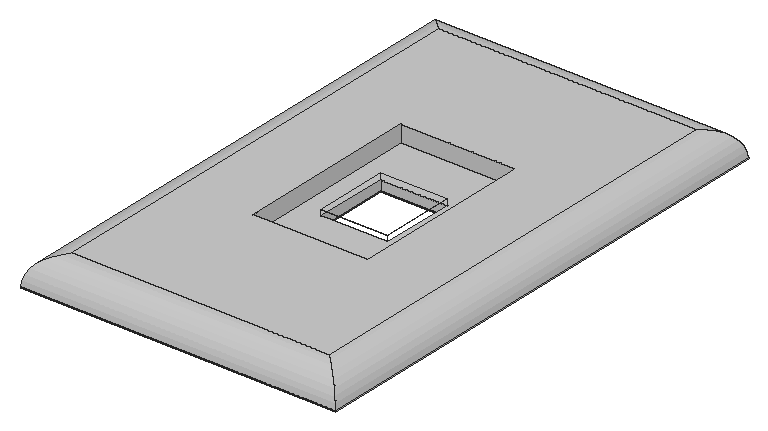
Revit family "1", category Data Devices, host Face, Revit 2018 (continued)
Lines and regions (in)
  reference lines
    curve 1: line (-2.2815, 0.9575, 0.25) -> (0.4685, 0.9575, 0.25)
    curve 2: line (-2.2215, 0.77, 0.25) -> (0.4085, 0.77, 0.25)
    curve 3: line (-2.2815, 0.3225, 0.25) -> (0.4685, 0.3225, 0.25)
    curve 4: line (-2.2815, -0.125, 0.25) -> (0.4685, -0.125, 0.25)
    curve 5: line (-2.2815, -0.5725, 0.25) -> (0.4685, -0.5725, 0.25)
  reference lines, not visible
    curve 6: line (-1.522, 0.77, 7) -> (-0.291, 0.77, 7)
    curve 7: line (-1.522, -0.125, 7) -> (-0.291, -0.125, 7)
    curve 8: line (-2.2815, -0.125, 0.25) -> (0.4685, -0.125, 0.25)
    curve 9: line (-2.2815, -0.125, 0.25) -> (0.4685, -0.125, 0.25)
    curve 10: line (-0.9065, 1.2175, 0.25) -> (-0.9065, -0.5725, 0.25)
    curve 11: line (-2.2215, 0.77, 0.25) -> (0.4085, 0.77, 0.25)
    curve 12: line (-2.1675, 1.2175, 0.25) -> (0.3545, 1.2175, 0.25)
    curve 13: line (-2.2215, 0.77, 0.25) -> (0.4085, 0.77, 0.25)
    curve 17: line (-2.009, -0.9132566, 0.2869739) -> (-2.009, 1.2175, 0.2869739)
    curve 18: line (0.196, -0.9132566, 0.2869739) -> (0.196, 1.2175, 0.2869739)
    curve 20: line (-1.232, -0.9132566, 0.2869739) -> (-1.232, 1.2175, 0.2869739)
    curve 21: line (-0.581, -0.9132566, 0.2869739) -> (-0.581, 1.2175, 0.2869739)
  reference lines, visible <- "z Angles are Visible 4 Port"
    curve 14: line (-1.522, 0.6182373, 0.2869739) -> (-0.291, 0.6182373, 0.2869739)
    curve 16: line (-1.564, 0.6182373, 0.2869739) -> (-0.249, 0.6182373, 0.2869739)
    curve 19: line (-1.564, -0.5670469, 0.2869739) -> (-0.249, -0.5670469, 0.2869739)
  reference lines, visible <- "z Angles are Visible 2 Port"
    curve 15: line (-1.522, 0.3053335, 0.2869739) -> (-0.291, 0.3053335, 0.2869739)
  reference lines, visible <- "z Has 08 Ports"
    curve 22: line (-2.1675, 1.2175, 0.25) -> (-2.2815, -0.5725, 0.25)
    curve 23: line (0.3545, 1.2175, 0.25) -> (0.4685, -0.5725, 0.25)
    curve 24: line (-2.2215, 0.77, 0.25) -> (-2.2215, -0.5725, 0.25)
    curve 25: line (0.4085, 0.77, 0.25) -> (0.4085, -0.5725, 0.25)
  symbolic lines, style "Wallplates", detail levels fine
    curve 26: line (-2.0315, 2.5725, 0.25) -> (0.2185, 2.5725, 0.25)
    curve 27: arc (-2.2815, 2.5725, 0) -> (-2.2082767, 2.5725, 0.1767767) -> (-2.0315, 2.5725, 0.25) r 0.25
    curve 28: arc (0.2185, 2.5725, 0.25) -> (0.3952767, 2.5725, 0.1767767) -> (0.4685, 2.5725, 0) r 0.25
    curve 29: line (-2.2815, 2.5725, 0) -> (0.4685, 2.5725, 0)
    curve 30: line (0.4685, 2.3225, 0.25) -> (0.4685, -1.6775, 0.25)
    curve 31: arc (0.4685, -1.6775, 0.25) -> (0.4685, -1.8542767, 0.1767767) -> (0.4685, -1.9275, 0) r 0.25
    curve 32: arc (0.4685, 2.5725, 0) -> (0.4685, 2.4992767, 0.1767767) -> (0.4685, 2.3225, 0.25) r 0.25
    curve 33: line (0.4685, -1.9275, 0) -> (0.4685, 2.5725, 0)
    curve 34: arc (-2.2815, -1.6775, 0.25) -> (-2.2815, -1.8542767, 0.1767767) -> (-2.2815, -1.9275, 0) r 0.25
    curve 35: line (-2.2815, -1.9275, 0) -> (-2.2815, 2.5725, 0)
    curve 36: arc (-2.2815, 2.5725, 0) -> (-2.2815, 2.4992767, 0.1767767) -> (-2.2815, 2.3225, 0.25) r 0.25
    curve 37: line (-2.2815, 2.3225, 0.25) -> (-2.2815, -1.6775, 0.25)
  symbolic lines, style "Wallplates", detail levels medium
    curve 38: line (-2.2815, 2.5725, 0.25) -> (0.4685, 2.5725, 0.25)
    curve 39: line (-2.2815, 2.5725, 0) -> (-2.2815, 2.5725, 0.25)
    curve 40: line (0.4685, 2.5725, 0) -> (-2.2815, 2.5725, 0)
    curve 41: line (0.4685, 2.5725, 0.25) -> (0.4685, 2.5725, 0)
  symbolic lines, style "Wallplates", detail levels coarse+medium
    curve 42: line (0.4685, -1.9275, 0.25) -> (0.4685, 2.5725, 0.25)
    curve 43: line (0.4685, 2.5725, 0.25) -> (0.4685, 2.5725, 0)
    curve 44: line (0.4685, -1.9275, 0) -> (0.4685, -1.9275, 0.25)
    curve 45: line (0.4685, 2.5725, 0) -> (0.4685, -1.9275, 0)
Dimensions and locks (in)
  "z Depth": plane 4 "Front" to plane 2 "Mounting Surface"
  equal spacing: plane 8, plane 1 "Center (Front/Back)", plane 5  (x2)
  "Height": plane 8 to plane 5
  "z Distance": plane 5 to plane 9
  "z Distance": plane 9 to plane 10
  "z Distance": plane 10 to plane 11
  "z Distance": plane 11 to plane 12
  "z Distance": plane 12 to plane 13
  "Height": plane 14 to plane 9
  "Height": plane 15 to plane 10
  "Height": plane 16 to plane 11
  "Height": plane 17 to plane 12
  "Height": plane 18 "Top" to plane 13
  "Height": Extrusion 9 to Extrusion 9
  "z Distance": plane 19 to plane 5
  equal spacing: plane 20, plane 1 "Center (Front/Back)", plane 21, locked at 0.325 each
  "z Height": plane 20 to plane 21
  "Width": plane 6 "Left" to plane 7 "Right"
  equal spacing: plane 6 "Left", plane 3 "Center (Left/Right)", plane 7 "Right"
  equal spacing: plane 22, plane 3 "Center (Left/Right)", plane 23
  locked: plane 8 to plane 24 at 0.25
  Extrusion 11 sketch curve to Extrusion 11 sketch curve = 0.46000"
  Extrusion 11 sketch curve to Extrusion 11 sketch curve = 1.83000"  (x2)
  Extrusion 11 sketch curve to plane 3 "Center (Left/Right)" = 0.07610"
  "z Void Offset Single Gang 2": Extrusion 10 to plane 27 "1"
  Extrusion 13 to Extrusion 12 = 0.44750"
  "z Depth": Extrusion 13 to Extrusion 13
  "z Width": plane 22 to plane 23
  locked: Extrusion 14 to Extrusion 14 at 0.25
  Extrusion 15 sketch curve to Extrusion 15 sketch curve = 0.65000"  (x2)
  "z Depth": Extrusion 15 to plane 29 "3"
  locked: Extrusion 15 to Extrusion 15 at 0.65  (x2)
  locked: Extrusion 15 to Extrusion 15 at 0.895
  equal spacing: Extrusion 11 sketch curve, plane 3 "Center (Left/Right)", Extrusion 11 sketch curve
  equal spacing: plane 30, plane 3 "Center (Left/Right)", plane 31 "Angled Feature Right Side"
  "z Width": plane 30 to plane 32
  equal spacing: plane 32, plane 3 "Center (Left/Right)", plane 33
  Extrusion 18 sketch curve to Extrusion 18 sketch curve = 0.65000"  (x2)
  locked: Extrusion 18 to Extrusion 18 at 0.65  (x2)
  Extrusion 18 to Extrusion 18 = 0.89500"
  locked: Extrusion 18 to Extrusion 18 at 0.895
  "z Depth": Extrusion 17 to plane 34 "6"
  "z Depth": Extrusion 18 to plane 34 "6"
  "z 1 X Offset 1": plane 30 to plane 31 "Angled Feature Right Side"
  locked: Extrusion 19 to Extrusion 19 at 0.25
  "z Depth": Extrusion 20 to Extrusion 20
  equal spacing: plane 37, plane 3 "Center (Left/Right)", plane 38
  equal spacing: plane 36, plane 3 "Center (Left/Right)", plane 39
  "z 1 X Offset 2": plane 31 "Angled Feature Right Side" to plane 38
  "z Width": plane 39 to plane 38
  "z Height": plane 40 to plane 41
  "z 1 Y Offset 1": plane 40 to plane 20
  "z Depth": Extrusion 22 to plane 43 "8"
  "z Depth": Extrusion 21 to plane 43 "8"
  equal spacing: plane 45, plane 1 "Center (Front/Back)", plane 44
  "z Height": plane 46 to plane 45
  "z Height": plane 44 to plane 47
  "z 1 Y Offset 1": plane 45 to plane 44
  "z Depth": Extrusion 20 to plane 35 "4"
  equal spacing: Extrusion 23 sketch curve, plane 48, Extrusion 23 sketch curve
  locked: Extrusion 23 sketch curve to Extrusion 23 sketch curve at 1.62
  equal spacing: Extrusion 23 sketch curve, plane 3 "Center (Left/Right)", Extrusion 23 sketch curve
  locked: Extrusion 23 sketch curve to Extrusion 23 sketch curve at 1
  "z 2 Y Offset 2": plane 1 "Center (Front/Back)" to plane 48
  locked: plane 4 "Front" to plane 49 "Recess" at 0.15
  "z Offset 6": plane 34 "6" to plane 50 "Void Collector"
  locked: level to plane 50 "Void Collector" at 2
  "z Offset 2 H": plane 43 "8" to plane 50 "Void Collector"
  "z Offset 4": plane 35 "4" to plane 50 "Void Collector"
  "z Offset 3": plane 29 "3" to plane 50 "Void Collector"
  "z Offset 1": plane 27 "1" to plane 50 "Void Collector"
  "z Offset 2": plane 28 "2" to plane 50 "Void Collector"
  "z Void Offset Dual Gang 2": plane 42 to plane 50 "Void Collector"
  "z Void Offset Single Gang 1": plane 26 to plane 50 "Void Collector"
  "z Void Offset Dual Gang 1": plane 25 to plane 50 "Void Collector"
  locked: plane 25 to Extrusion 11 at 0.1
  equal spacing: plane 46, plane 54, plane 45, locked at 0.325 each
  equal spacing: plane 44, plane 55, plane 47, locked at 0.325 each
  plane 30 to plane 32 = 0.58000"  (x3)
  "z Depth": Extrusion 24 to plane 35 "4"
  "z Width": Extrusion 20 to Extrusion 20  (x2)
  Extrusion 20 to Extrusion 20 = 0.58000"
  plane 33 to plane 31 "Angled Feature Right Side" = 0.58000"
  Extrusion 25 sketch curve to Extrusion 25 sketch curve = 0.65000"  (x2)
  locked: Extrusion 25 to Extrusion 25 at 0.65  (x2)
  locked: Extrusion 25 to Extrusion 25 at 0.895
  "z Depth": Extrusion 25 to plane 34 "6"
  equal spacing: cut or joined group 1 (Sweep 3, Extrusion 8, Extrusion 10, Extrusion 11, Extrusion 14, Extrusion 16, Extrusion 17, Extrusion 19, Extrusion 22, Extrusion 23, Extrusion 26, Extrusion 27, Extrusion 30, Extrusion 31, Extrusion 32, Extrusion 36, Extrusion 37), plane 3 "Center (Left/Right)", cut or joined group 1, locked at 1.9061 each
  Extrusion 26 sketch curve to Extrusion 26 sketch curve = 0.46000"
  Extrusion 26 sketch curve to Extrusion 26 sketch curve = 1.83000"
  Extrusion 26 to Extrusion 26 = 1.83000"
  locked: Extrusion 26 to Extrusion 26 at 1.83
  equal spacing: Extrusion 26 sketch curve, plane 3 "Center (Left/Right)", Extrusion 26 sketch curve
  equal spacing: Extrusion 26 sketch curve, plane 1 "Center (Front/Back)", Extrusion 26 sketch curve  (x2)
  plane 1 "Center (Front/Back)" to Extrusion 26 sketch curve = 1.85000"
  locked: plane 26 to Extrusion 26 at 0.1
  locked: Extrusion 27 to plane 42 at 0.1
  cut or joined group of Extrusion 20, Extrusion 26, Extrusion 30 to cut or joined group of Extrusion 20, Extrusion 26, Extrusion 30 = 0.58000"
  equal spacing: plane 56, plane 3 "Center (Left/Right)", plane 57
  "z Void Offset Angled": plane 56 to plane 3 "Center (Left/Right)"
  "z Void 4 Port Angled": plane 58 "Lower 4-Port Mounting Face" to plane 61 "Lower 4-Port"
  "z Void 4 Port Angled": plane 60 "Upper 4-Port Mounting Face" to plane 63 "Upper 4-Port"
  "z Void 2 Port Angled": plane 59 "2-Port Mounting Face" to plane 62 "2-Port"
  Extrusion 30 sketch curve to Extrusion 30 sketch curve = 0.45962"
  "z Height": Extrusion 30 sketch curve to Extrusion 30 sketch curve  (x2)
  Extrusion 31 sketch curve to Extrusion 31 sketch curve = 0.45962"
  "z Height": Extrusion 31 sketch curve to Extrusion 31 sketch curve  (x2)
  Extrusion 32 sketch curve to Extrusion 32 sketch curve = 0.45962"
  "z Height": Extrusion 32 sketch curve to Extrusion 32 sketch curve  (x2)
  locked: Extrusion 30 to Extrusion 30 at 1.2
  locked: Extrusion 32 to Extrusion 32 at 1.2
  locked: Extrusion 31 to Extrusion 31 at 1.2
  Extrusion 33 to level = 0.01000"
  locked: plane 59 "2-Port Mounting Face" to plane 58 "Lower 4-Port Mounting Face" at 0.3976793
  locked: plane 60 "Upper 4-Port Mounting Face" to plane 58 "Lower 4-Port Mounting Face" at 0.5403182
  Extrusion 28 sketch curve to Extrusion 28 sketch curve = 0.22832"  (x2)
  Extrusion 28 sketch curve to Extrusion 28 sketch curve = 0.50086"  (x2)
  Extrusion 28 sketch curve to Extrusion 28 sketch curve = 0.44580"  (x2)
  "z Depth": Extrusion 34 sketch curve to Extrusion 34 sketch curve  (x2)
  locked: Extrusion 34 sketch curve to cut or joined group of Extrusion 28, Extrusion 30, Extrusion 31, Extrusion 32, Extrusion 37 at 0.65  (x2)
  locked: cut or joined group of Extrusion 28, Extrusion 30, Extrusion 31, Extrusion 32, Extrusion 37 to cut or joined group 1 at 0.0396864
  locked: Extrusion 33 to plane 18 "Top" at 0.01
  locked: plane 19 to Extrusion 33 at 0.01
  locked: plane 6 "Left" to Extrusion 33 at 0.01
  locked: Extrusion 33 to plane 7 "Right" at 0.01
  "z Depth": Extrusion 35 sketch curve to Extrusion 35 sketch curve
  locked: cut or joined group of Extrusion 29, Extrusion 31, Extrusion 37 to Extrusion 35 at 0.0396864
  locked: Extrusion 33 to level at 0.01
  cut or joined group of Extrusion 28, Extrusion 30, Extrusion 31, Extrusion 32, Extrusion 37 to Extrusion 34 = 0.03969"
  "z 1 X Offset 2": plane 31 "Angled Feature Right Side" to plane 64
  "z Width": plane 65 to plane 64
  equal spacing: plane 66, plane 3 "Center (Left/Right)", plane 65
  equal spacing: plane 67, plane 3 "Center (Left/Right)", plane 64
  equal spacing: plane 68 "Angled Feature Left Side", plane 3 "Center (Left/Right)", plane 69
  "z Void Offset Angled Plastic": plane 56 to plane 68 "Angled Feature Left Side"
  locked: plane 70 "Angled" to plane 4 "Front" at 0.0369739
  equal spacing: curve 17, plane 3 "Center (Left/Right)", curve 18
  curve 17 to plane 3 "Center (Left/Right)" = 1.10250"
  curve 10 to curve 17 = 1.10250"
  equal spacing: plane 30, curve 20, plane 32
  equal spacing: curve 20, plane 3 "Center (Left/Right)", curve 21
  equal spacing: curve 24, plane 3 "Center (Left/Right)", curve 25
  curve 24 to plane 3 "Center (Left/Right)" = 1.31500"
  plane 71 to plane 3 "Center (Left/Right)" to plane 72 = 1.60500" locked, 1.60500" locked
  locked: plane 73 to plane 74 at 0.1
  Extrusion 36 sketch curve to Extrusion 36 sketch curve = 0.46000"
  Extrusion 36 sketch curve to Extrusion 36 sketch curve = 1.83000"  (x2)
  locked: Extrusion 36 to Extrusion 36 at 1.83
  "z Void Offset Single Gang 3": plane 73 to plane 50 "Void Collector"
  "z Void 1 Port Angled": plane 59 "2-Port Mounting Face" to plane 75
  "z Height": Extrusion 37 sketch curve to Extrusion 37 sketch curve
  "z Depth": Extrusion 38 sketch curve to Extrusion 38 sketch curve  (x2)
  "z Depth": Extrusion 39 sketch curve to Extrusion 39 sketch curve  (x2)
  "z Void Offset Single Gang 4": plane 76 to plane 50 "Void Collector"
  "z Void Offset Dual Gang 3": plane 77 to plane 50 "Void Collector"
  locked: Extrusion 40 sketch curve to plane 76 at 0.75
  plane 78 to plane 77 to plane 79 = 0.75000" locked, 0.75000" locked
  locked: plane 31 "Angled Feature Right Side" to Extrusion 41 sketch curve at 0.155
  locked: Extrusion 41 sketch curve to plane 30 at 0.155
  locked: plane 76 to Extrusion 40 sketch curve at 0.75
  aligned and locked: Extrusion 1 to plane 2 "Mounting Surface"
  aligned and locked: Extrusion 1 to level
  aligned and locked: Extrusion 2 to plane 5
  aligned and locked: Extrusion 2 to plane 6 "Left"
  aligned and locked: Extrusion 2 to plane 7 "Right"
  aligned and locked: plane 8 to Extrusion 2
  aligned and locked: Extrusion 2 to level
  aligned and locked: plane 4 "Front" to Extrusion 2
  aligned and locked: Sweep 3 sketch curve to Extrusion 2  (x4)
  aligned and locked: profile plane to Sweep 3 sketch curve
  aligned and locked: Extrusion 9 to plane 19
  aligned and locked: Extrusion 4 to plane 9
  aligned and locked: Extrusion 5 to plane 10
  aligned and locked: plane 16 to Extrusion 6
  aligned and locked: Extrusion 6 to plane 11
  aligned and locked: plane 15 to Extrusion 5
  aligned and locked: plane 14 to Extrusion 4
  aligned and locked: Extrusion 7 to plane 12
  aligned and locked: plane 17 to Extrusion 7
  aligned and locked: Extrusion 8 to plane 13
  aligned and locked: plane 18 "Top" to Extrusion 8
  aligned and locked: Extrusion 9 to plane 6 "Left"
  aligned and locked: Extrusion 9 to plane 7 "Right"
  aligned and locked: Extrusion 4 to plane 6 "Left"
  aligned and locked: Extrusion 5 to plane 6 "Left"
  aligned and locked: Extrusion 6 to plane 6 "Left"
  aligned and locked: Extrusion 7 to plane 6 "Left"
  aligned and locked: Extrusion 8 to plane 6 "Left"
  aligned and locked: Extrusion 4 to plane 7 "Right"
  aligned and locked: Extrusion 5 to plane 7 "Right"
  aligned and locked: Extrusion 6 to plane 7 "Right"
  aligned and locked: Extrusion 7 to plane 7 "Right"
  aligned and locked: Extrusion 8 to plane 7 "Right"
  aligned and locked: Extrusion 10 to plane 22
  aligned and locked: plane 20 to Extrusion 10
  aligned and locked: plane 23 to Extrusion 10
  aligned and locked: Extrusion 10 to plane 21
  aligned: Extrusion 10 to level
  aligned and locked: plane 24 to Sweep 3 sketch curve
  aligned and locked: Sweep 3 sketch curve to profile plane
  aligned and locked: plane 25 to Extrusion 11
  aligned and locked: plane 22 to Extrusion 12 sketch curve
  aligned and locked: Extrusion 12 sketch curve to plane 20
  aligned and locked: Extrusion 12 sketch curve to plane 23
  aligned and locked: plane 21 to Extrusion 12 sketch curve
  aligned and locked: Extrusion 12 to plane 27 "1"
  aligned and locked: Extrusion 10 to Extrusion 12
  aligned and locked: Extrusion 13 to plane 28 "2"
  aligned and locked: Extrusion 10 to plane 27 "1"
  aligned and locked: Extrusion 14 sketch curve to Extrusion 13  (x8)
  aligned and locked: Extrusion 14 to plane 28 "2"
  aligned: Extrusion 14 to Extrusion 11
  aligned and locked: plane 21 to Extrusion 15 sketch curve
  aligned and locked: Extrusion 15 sketch curve to plane 23  (x3)
  aligned and locked: plane 22 to Extrusion 15 sketch curve  (x3)
  aligned and locked: Extrusion 15 to plane 29 "3"
  aligned and locked: Extrusion 16 sketch curve to Extrusion 15  (x10)
  aligned and locked: Extrusion 16 sketch curve to Extrusion 10  (x2)
  aligned and locked: Extrusion 16 to plane 29 "3"
  aligned and locked: Extrusion 16 to Extrusion 15
  aligned and locked: Extrusion 18 to plane 34 "6"
  aligned and locked: Extrusion 17 to plane 34 "6"
  aligned and locked: plane 30 to Extrusion 19 sketch curve  (x2)
  aligned and locked: Extrusion 19 sketch curve to plane 32  (x2)
  aligned and locked: plane 33 to Extrusion 19 sketch curve  (x2)
  aligned and locked: Extrusion 19 sketch curve to plane 31 "Angled Feature Right Side"  (x2)
  aligned: Extrusion 19 to plane 35 "4"
  aligned: Extrusion 20 to Extrusion 14  (x2)
  aligned: Extrusion 20 to nested 1
  aligned: Extrusion 14 to Extrusion 20  (x2)
  aligned and locked: plane 33 to Extrusion 20 sketch curve
  aligned and locked: Extrusion 20 sketch curve to plane 33
  aligned and locked: Extrusion 20 sketch curve to plane 31 "Angled Feature Right Side"
  aligned and locked: plane 31 "Angled Feature Right Side" to Extrusion 20 sketch curve
  aligned: Extrusion 20 to plane 35 "4"
  aligned: Extrusion 20 sketch curve to Extrusion 19
  aligned: Extrusion 20 to Extrusion 19  (x8)
  aligned: Extrusion 19 to Extrusion 20  (x4)
  aligned and locked: Extrusion 20 sketch curve to plane 38
  aligned and locked: plane 38 to Extrusion 20 sketch curve
  aligned and locked: plane 39 to Extrusion 20 sketch curve
  aligned and locked: Extrusion 20 sketch curve to plane 39
  aligned and locked: Extrusion 20 sketch curve to plane 36
  aligned and locked: plane 36 to Extrusion 20 sketch curve
  aligned and locked: Extrusion 20 sketch curve to plane 37
  aligned and locked: plane 37 to Extrusion 20 sketch curve
  aligned and locked: Extrusion 19 sketch curve to Extrusion 19 sketch curve  (x3)
  aligned: Extrusion 19 sketch curve to Extrusion 19 sketch curve
  aligned: Extrusion 20 to cut or joined group 1  (x4)
  aligned and locked: Extrusion 17 sketch curve to Extrusion 18  (x8)
  aligned and locked: Extrusion 18 to Extrusion 17 sketch curve  (x4)
  aligned: Extrusion 17 to Extrusion 15
  aligned: Extrusion 15 to Extrusion 17
  aligned and locked: Extrusion 16 to Extrusion 18  (x3)
  aligned: plane 40 to cut or joined group of Extrusion 15, Extrusion 17, Extrusion 30
  aligned and locked: Extrusion 18 to plane 41  (x3)
  aligned and locked: cut or joined group 1 to plane 41
  aligned and locked: plane 20 to cut or joined group of Extrusion 15, Extrusion 17, Extrusion 30
  aligned and locked: plane 40 to cut or joined group of Extrusion 15, Extrusion 17, Extrusion 30
  aligned and locked: Extrusion 18 to cut or joined group 2 (Sweep 3, Extrusion 7, Extrusion 10, Extrusion 11, Extrusion 14, Extrusion 16, Extrusion 17, Extrusion 19, Extrusion 22, Extrusion 26, Extrusion 27, Extrusion 30, Extrusion 31, Extrusion 32, Extrusion 36, Extrusion 37)  (x2)
  aligned and locked: Extrusion 15 to Extrusion 17
  aligned and locked: Extrusion 17 to cut or joined group 2  (x2)
  aligned and locked: cut or joined group 2 to Extrusion 17
  aligned and locked: plane 6 "Left" to curve 1
  aligned and locked: plane 6 "Left" to curve 3
  aligned and locked: plane 6 "Left" to curve 5
  aligned and locked: plane 7 "Right" to curve 1
  aligned and locked: plane 7 "Right" to curve 3
  aligned and locked: plane 7 "Right" to curve 4
  aligned and locked: plane 7 "Right" to curve 5
  aligned and locked: Extrusion 18 to Extrusion 17
  aligned and locked: plane 20 to Extrusion 17  (x4)
  aligned and locked: Extrusion 17 to Extrusion 18
  aligned and locked: plane 20 to Extrusion 18  (x3)
  aligned and locked: plane 1 "Center (Front/Back)" to curve 3
  aligned and locked: Extrusion 11 sketch curve to Extrusion 11 sketch curve
  aligned and locked: cut or joined group of Sweep 3, Extrusion 6, Extrusion 10, Extrusion 11, Extrusion 14, Extrusion 16, Extrusion 17, Extrusion 19, Extrusion 22, Extrusion 26, Extrusion 27, Extrusion 30, Extrusion 31, Extrusion 32, Extrusion 36, Extrusion 37 to Extrusion 11
  aligned: cut or joined group 1 to Extrusion 11
  aligned: Extrusion 11 to cut or joined group 1
  aligned and locked: Extrusion 22 to plane 43 "8"
  aligned and locked: Extrusion 21 to plane 43 "8"
  aligned: plane 44 to Extrusion 20
  aligned: plane 44 to Extrusion 19  (x3)
  aligned: Extrusion 20 to plane 45  (x4)
  aligned: Extrusion 19 to plane 45  (x4)
  aligned and locked: cut or joined group of Extrusion 13, Extrusion 16, Extrusion 19, Extrusion 26, Extrusion 30, Extrusion 31, Extrusion 32 to plane 45
  aligned: plane 46 to Extrusion 20  (x3)
  aligned: plane 46 to Extrusion 19  (x3)
  aligned: Extrusion 20 to plane 46
  aligned: Extrusion 19 to plane 46
  aligned and locked: plane 46 to cut or joined group of Extrusion 13, Extrusion 16, Extrusion 19, Extrusion 26, Extrusion 30, Extrusion 31, Extrusion 32
  aligned and locked: plane 46 to cut or joined group 1
  aligned: Extrusion 19 to plane 47  (x4)
  aligned and locked: plane 46 to Extrusion 20
  aligned and locked: cut or joined group of Extrusion 13, Extrusion 16, Extrusion 19, Extrusion 26, Extrusion 30, Extrusion 31, Extrusion 32 to plane 47
  aligned: Extrusion 20 to cut or joined group 2
  aligned and locked: plane 44 to Extrusion 20 sketch curve
  aligned and locked: Extrusion 20 to plane 47  (x2)
  aligned and locked: Extrusion 20 to plane 44
  aligned: Extrusion 19 to plane 44
  aligned and locked: plane 44 to Extrusion 20
  aligned and locked: plane 44 to cut or joined group of Extrusion 13, Extrusion 16, Extrusion 19, Extrusion 26, Extrusion 30, Extrusion 31, Extrusion 32
  aligned and locked: Extrusion 20 to cut or joined group of Extrusion 18, Extrusion 22, Extrusion 26, Extrusion 30  (x4)
  aligned and locked: cut or joined group of Extrusion 18, Extrusion 22, Extrusion 26, Extrusion 30 to Extrusion 20  (x4)
  aligned and locked: cut or joined group of Extrusion 18, Extrusion 22, Extrusion 26, Extrusion 30 to cut or joined group of Extrusion 18, Extrusion 22, Extrusion 26, Extrusion 30  (x4)
  aligned: curve 6 to cut or joined group 2  (x2)
  aligned: curve 7 to cut or joined group 2  (x2)
  aligned and locked: plane 5 to Masking region 1 sketch curve
  aligned and locked: Masking region 1 sketch curve to plane 8
  aligned and locked: Masking region 1 sketch curve to plane 4 "Front"
  aligned and locked: level to Masking region 1 sketch curve
  aligned and locked: Extrusion 23 to plane 49 "Recess"
  aligned and locked: plane 4 "Front" to Extrusion 23
  aligned and locked: plane 51 to curve 6
  aligned and locked: plane 52 to curve 7
  aligned and locked: curve 8 to plane 52
  aligned and locked: plane 6 "Left" to curve 8
  aligned and locked: plane 7 "Right" to curve 8
  aligned and locked: cut or joined group 1 to Extrusion 21  (x2)
  aligned and locked: plane 6 "Left" to curve 9
  aligned and locked: curve 9 to plane 55
  aligned and locked: curve 10 to plane 3 "Center (Left/Right)"
  aligned and locked: Extrusion 24 sketch curve to Extrusion 24 sketch curve  (x4)
  aligned and locked: plane 30 to Extrusion 24 sketch curve
  aligned and locked: Extrusion 24 sketch curve to plane 32
  aligned and locked: plane 33 to Extrusion 24 sketch curve
  aligned and locked: Extrusion 24 sketch curve to plane 31 "Angled Feature Right Side"
  aligned and locked: Extrusion 24 sketch curve to plane 46  (x2)
  aligned and locked: plane 45 to Extrusion 24 sketch curve  (x2)
  aligned and locked: Extrusion 24 sketch curve to plane 44  (x2)
  aligned and locked: plane 47 to Extrusion 24 sketch curve
  aligned and locked: Extrusion 24 to plane 35 "4"
  aligned and locked: Extrusion 17 to Extrusion 25
  aligned and locked: Extrusion 26 to Extrusion 26  (x2)
  aligned: Extrusion 26 to plane 26
  aligned and locked: plane 26 to Extrusion 26
  aligned: Extrusion 26 to cut or joined group 1  (x2)
  aligned: cut or joined group 1 to Extrusion 26
  aligned: Extrusion 27 sketch curve to Extrusion 26  (x4)
  aligned and locked: Extrusion 27 sketch curve to cut or joined group 1
  aligned and locked: cut or joined group 1 to Extrusion 27 sketch curve
  aligned and locked: Extrusion 27 to cut or joined group 1  (x2)
  aligned and locked: cut or joined group 1 to Extrusion 27  (x2)
  aligned and locked: Extrusion 27 to plane 42
  aligned and locked: cut or joined group 1 to cut or joined group of Extrusion 20, Extrusion 26, Extrusion 30  (x6)
  aligned and locked: cut or joined group 1 to cut or joined group 1
  aligned and locked: Extrusion 19 to plane 35 "4"
  aligned and locked: cut or joined group of Extrusion 20, Extrusion 26, Extrusion 30 to cut or joined group of Extrusion 24, Extrusion 26, Extrusion 30
  aligned and locked: plane 7 "Right" to curve 9
  aligned and locked: curve 12 to plane 53
  aligned and locked: Extrusion 18 sketch curve to Extrusion 18 sketch curve  (x2)
  aligned and locked: Extrusion 25 sketch curve to Extrusion 25 sketch curve
  aligned and locked: curve 13 to plane 54
  aligned and locked: cut or joined group of Extrusion 24, Extrusion 26, Extrusion 30 to plane 47
  aligned and locked: cut or joined group of Extrusion 20, Extrusion 26, Extrusion 30 to plane 47
  aligned and locked: Extrusion 28 to plane 56
  aligned and locked: Extrusion 28 to plane 57
  aligned and locked: Extrusion 29 to plane 56
  aligned and locked: plane 57 to Extrusion 29
  aligned: plane 58 "Lower 4-Port Mounting Face" to Extrusion 28
  aligned: plane 59 "2-Port Mounting Face" to Extrusion 29
  aligned: Extrusion 28 to plane 60 "Upper 4-Port Mounting Face"
  aligned and locked: Extrusion 30 sketch curve to plane 33
  aligned and locked: plane 31 "Angled Feature Right Side" to Extrusion 30 sketch curve
  aligned and locked: Extrusion 30 to plane 61 "Lower 4-Port"
  aligned and locked: plane 32 to Extrusion 30 sketch curve
  aligned and locked: Extrusion 30 sketch curve to plane 30
  aligned and locked: Extrusion 32 to plane 63 "Upper 4-Port"
  aligned and locked: Extrusion 31 to plane 62 "2-Port"
  aligned: cut or joined group of Extrusion 29, Extrusion 31, Extrusion 37 to plane 4 "Front"
  aligned: plane 49 "Recess" to Extrusion 33
  aligned and locked: Extrusion 33 to level
  aligned and locked: plane 58 "Lower 4-Port Mounting Face" to cut or joined group of Extrusion 28, Extrusion 30, Extrusion 31, Extrusion 32, Extrusion 37
  aligned and locked: Extrusion 30 sketch curve to Extrusion 30 sketch curve
  aligned and locked: plane 59 "2-Port Mounting Face" to cut or joined group of Extrusion 29, Extrusion 31, Extrusion 37
  aligned and locked: plane 60 "Upper 4-Port Mounting Face" to cut or joined group of Extrusion 28, Extrusion 30, Extrusion 31, Extrusion 32, Extrusion 37
  aligned and locked: Extrusion 27 to Extrusion 27  (x2)
  aligned and locked: Sweep 3 sketch curve to Extrusion 33
  aligned: plane 18 "Top" to Extrusion 33
  aligned: Extrusion 33 to plane 19
  aligned: plane 6 "Left" to Extrusion 33
  aligned: Extrusion 33 to plane 7 "Right"
  aligned and locked: Extrusion 34 sketch curve to Extrusion 30
  aligned and locked: Extrusion 34 sketch curve to Extrusion 32
  aligned and locked: Extrusion 35 to cut or joined group of Extrusion 29, Extrusion 31, Extrusion 37  (x2)
  aligned and locked: Extrusion 11 to Extrusion 26
  aligned and locked: Extrusion 11 sketch curve to Extrusion 26  (x2)
  aligned and locked: Extrusion 30 sketch curve to plane 65
  aligned and locked: plane 64 to Extrusion 30 sketch curve
  aligned and locked: Extrusion 30 sketch curve to plane 67
  aligned and locked: plane 66 to Extrusion 30 sketch curve
  aligned and locked: Extrusion 30 to Extrusion 30  (x4)
  aligned and locked: Extrusion 30 to Extrusion 32 sketch curve  (x2)
  aligned and locked: Extrusion 32 sketch curve to Extrusion 30  (x2)
  aligned and locked: Extrusion 32 to Extrusion 32  (x4)
  aligned and locked: Extrusion 34 to plane 68 "Angled Feature Left Side"
  aligned and locked: plane 69 to Extrusion 34
  aligned and locked: Extrusion 34 to curve 16  (x2)
  aligned and locked: Extrusion 34 to curve 19  (x2)
  aligned and locked: Masking region 3 sketch curve to curve 31
  aligned and locked: Masking region 3 sketch curve to curve 33
  aligned and locked: Masking region 3 sketch curve to curve 32
  aligned and locked: Masking region 4 sketch curve to Masking region 3  (x3)
  aligned and locked: Masking region 5 sketch curve to Masking region 1  (x4)
  aligned and locked: curve 34 to curve 31
  aligned and locked: curve 35 to curve 33
  aligned and locked: curve 36 to curve 32
  aligned and locked: curve 39 to plane 6 "Left"
  aligned and locked: level to curve 40
  aligned and locked: plane 7 "Right" to curve 41
  aligned and locked: curve 38 to plane 4 "Front"
  aligned and locked: Masking region 6 sketch curve to curve 29
  aligned and locked: Masking region 6 sketch curve to curve 41
  aligned and locked: Masking region 6 sketch curve to curve 38
  aligned and locked: Masking region 6 sketch curve to curve 39
  aligned and locked: plane 73 to Extrusion 36
  aligned and locked: Extrusion 36 to plane 74
  aligned and locked: Extrusion 35 to plane 68 "Angled Feature Left Side"
  aligned and locked: plane 69 to Extrusion 35
  aligned and locked: plane 75 to Extrusion 37
  aligned and locked: cut or joined group 1 to plane 68 "Angled Feature Left Side"
  aligned and locked: plane 69 to cut or joined group 1
  aligned and locked: Extrusion 38 to plane 30
  aligned and locked: Extrusion 39 to plane 33
  aligned and locked: plane 32 to Extrusion 38
  aligned and locked: plane 31 "Angled Feature Right Side" to Extrusion 39
  aligned and locked: plane 18 "Top" to Extrusion 40 sketch curve
  aligned and locked: Extrusion 40 sketch curve to plane 19
  aligned and locked: Extrusion 40 to plane 32
  aligned and locked: plane 33 to Extrusion 40
  aligned and locked: Extrusion 41 to plane 78
  aligned and locked: plane 19 to Extrusion 41 sketch curve  (x3)
  aligned and locked: plane 24 to Extrusion 41 sketch curve  (x3)
  aligned and locked: Extrusion 41 sketch curve to plane 33
  aligned and locked: Extrusion 41 sketch curve to plane 32
  aligned and locked: plane 31 "Angled Feature Right Side" to Extrusion 41 sketch curve
  aligned and locked: Extrusion 41 sketch curve to plane 30
  aligned and locked: Extrusion 41 to plane 79
Automatic sketch dimensions
  Extrusion 1 sketch curve to Extrusion 1 sketch curve = 8.39300"
  Extrusion 1 sketch curve to Extrusion 1 sketch curve = 6.00000"
  Extrusion 2 sketch curve to plane 5 = 0.00000"
  Extrusion 2 sketch curve to plane 6 "Left" = 0.00000"
  Extrusion 2 sketch curve to plane 7 "Right" = 0.00000"
  Extrusion 2 sketch curve to plane 8 = 0.00000"
  Extrusion 4 sketch curve to plane 5 = 0.00000"
  Extrusion 4 sketch curve to plane 6 "Left" = 0.00000"
  Extrusion 4 sketch curve to plane 7 "Right" = 0.00000"
  Extrusion 4 sketch curve to plane 8 = 0.00000"
  Extrusion 5 sketch curve to plane 5 = 0.00000"
  Extrusion 5 sketch curve to plane 6 "Left" = 0.00000"
  Extrusion 5 sketch curve to plane 7 "Right" = 0.00000"
  Extrusion 5 sketch curve to plane 8 = 0.00000"
  Extrusion 6 sketch curve to plane 5 = 0.00000"
  Extrusion 6 sketch curve to plane 6 "Left" = 0.00000"
  Extrusion 6 sketch curve to plane 7 "Right" = 0.00000"
  Extrusion 6 sketch curve to plane 8 = 0.00000"
  Extrusion 7 sketch curve to plane 5 = 0.00000"
  Extrusion 7 sketch curve to plane 6 "Left" = 0.00000"
  Extrusion 7 sketch curve to plane 7 "Right" = 0.00000"
  Extrusion 7 sketch curve to plane 8 = 0.00000"
  Extrusion 8 sketch curve to plane 5 = 0.00000"
  Extrusion 8 sketch curve to plane 6 "Left" = 0.00000"
  Extrusion 8 sketch curve to plane 7 "Right" = 0.00000"
  Extrusion 8 sketch curve to plane 8 = 0.00000"
  plane 5 to Extrusion 9 sketch curve = 0.00000"
  Extrusion 9 sketch curve to plane 6 "Left" = 0.00000"
  Extrusion 9 sketch curve to plane 7 "Right" = 0.00000"
  plane 8 to Extrusion 9 sketch curve = 0.00000"
  Extrusion 10 sketch curve to plane 20 = 0.00000"
  Extrusion 10 sketch curve to plane 23 = 0.00000"
  Extrusion 10 sketch curve to plane 21 = 0.00000"
  Extrusion 10 sketch curve to plane 22 = 0.00000"
  plane 6 "Left" to Extrusion 11 sketch curve = 0.53110"
  Extrusion 13 sketch curve to plane 23 = 0.00000"  (x2)
  Extrusion 13 sketch curve to plane 22 = 0.00000"  (x2)
  Extrusion 13 sketch curve to plane 46 = 0.00000"
  Extrusion 13 sketch curve to plane 45 = 0.00000"
  Extrusion 13 sketch curve to plane 44 = 0.00000"
  Extrusion 13 sketch curve to plane 47 = 0.00000"
  plane 41 to Extrusion 15 sketch curve = 0.00000"
  Extrusion 15 sketch curve to plane 20 = 0.00000"
  Extrusion 15 sketch curve to plane 52 = 0.12250"
  Extrusion 17 sketch curve to plane 21 = 0.00000"  (x4)
  Extrusion 17 sketch curve to plane 31 "Angled Feature Right Side" = 0.00000"  (x3)
  Extrusion 17 sketch curve to plane 20 = 0.00000"  (x4)
  Extrusion 17 sketch curve to plane 33 = 0.00000"  (x3)
  Extrusion 17 sketch curve to plane 32 = 0.00000"  (x3)
  Extrusion 17 sketch curve to plane 30 = 0.00000"  (x3)
  plane 41 to Extrusion 17 sketch curve = 0.00000"  (x3)
  Extrusion 17 sketch curve to plane 41 = 0.00000"
  plane 40 to Extrusion 17 sketch curve = 0.00000"  (x3)
  Extrusion 17 sketch curve to plane 40 = 0.00000"
  Extrusion 17 sketch curve to plane 52 = 0.12250"  (x4)
  Extrusion 17 sketch curve to plane 47 = 0.44750"  (x3)
  Extrusion 17 sketch curve to Extrusion 17 sketch curve = 0.00000"
  Extrusion 18 sketch curve to plane 20 = 0.00000"  (x4)
  Extrusion 18 sketch curve to plane 21 = 0.00000"  (x4)
  plane 40 to Extrusion 18 sketch curve = 0.00000"  (x2)
  plane 41 to Extrusion 18 sketch curve = 0.00000"  (x3)
  Extrusion 18 sketch curve to plane 31 "Angled Feature Right Side" = 0.00000"  (x3)
  Extrusion 18 sketch curve to plane 33 = 0.00000"  (x3)
  Extrusion 18 sketch curve to plane 32 = 0.00000"  (x3)
  Extrusion 18 sketch curve to plane 30 = 0.00000"  (x3)
  Extrusion 18 sketch curve to plane 41 = 0.00000"
  Extrusion 18 sketch curve to plane 40 = 0.00000"
  Extrusion 18 sketch curve to Extrusion 18 sketch curve = 0.00000"  (x6)
  Extrusion 18 sketch curve to plane 47 = 0.44750"  (x2)
  Extrusion 18 sketch curve to plane 52 = 0.12250"  (x3)
  Extrusion 18 sketch curve to Extrusion 18 sketch curve = 0.58000"  (x4)
  plane 6 "Left" to Extrusion 18 sketch curve = 1.66050"
  Extrusion 19 sketch curve to plane 46 = 0.00000"  (x3)
  Extrusion 19 sketch curve to plane 47 = 0.00000"  (x3)
  Extrusion 19 sketch curve to plane 45 = 0.00000"  (x3)
  Extrusion 19 sketch curve to plane 44 = 0.00000"  (x3)
  plane 44 to Extrusion 19 sketch curve = 0.00000"
  plane 46 to Extrusion 19 sketch curve = 0.00000"
  plane 47 to Extrusion 19 sketch curve = 0.00000"
  plane 45 to Extrusion 19 sketch curve = 0.00000"
  plane 6 "Left" to Extrusion 19 sketch curve = 1.66050"
  Extrusion 19 sketch curve to Extrusion 19 sketch curve = 0.58000"  (x2)
  Extrusion 20 sketch curve to plane 32 = 0.00000"  (x2)
  Extrusion 20 sketch curve to plane 30 = 0.00000"  (x2)
  Extrusion 20 sketch curve to plane 46 = 0.00000"  (x3)
  plane 46 to Extrusion 20 sketch curve = 0.00000"
  Extrusion 20 sketch curve to plane 45 = 0.00000"  (x3)
  plane 45 to Extrusion 20 sketch curve = 0.00000"
  Extrusion 20 sketch curve to plane 44 = 0.00000"  (x2)
  plane 44 to Extrusion 20 sketch curve = 0.00000"
  Extrusion 20 sketch curve to plane 47 = 0.00000"  (x3)
  plane 47 to Extrusion 20 sketch curve = 0.00000"
  Extrusion 21 sketch curve to plane 20 = 0.00000"  (x2)
  Extrusion 21 sketch curve to plane 31 "Angled Feature Right Side" = 0.00000"
  Extrusion 21 sketch curve to plane 21 = 0.00000"  (x2)
  Extrusion 21 sketch curve to plane 33 = 0.00000"
  Extrusion 21 sketch curve to plane 32 = 0.00000"
  Extrusion 21 sketch curve to plane 30 = 0.00000"
  Extrusion 22 sketch curve to plane 20 = 0.00000"  (x2)
  Extrusion 22 sketch curve to plane 31 "Angled Feature Right Side" = 0.00000"
  Extrusion 22 sketch curve to plane 21 = 0.00000"  (x2)
  Extrusion 22 sketch curve to plane 33 = 0.00000"
  Extrusion 22 sketch curve to plane 32 = 0.00000"
  Extrusion 22 sketch curve to plane 30 = 0.00000"
  curve 6 to plane 31 "Angled Feature Right Side" = 0.00000"
  curve 7 to plane 31 "Angled Feature Right Side" = 0.00000"
  curve 7 to plane 30 = 0.00000"
  curve 6 to plane 30 = 0.00000"
  Extrusion 24 sketch curve to plane 47 = 0.00000"
  Extrusion 25 sketch curve to plane 31 "Angled Feature Right Side" = 0.00000"  (x3)
  Extrusion 25 sketch curve to plane 21 = 0.00000"  (x2)
  Extrusion 25 sketch curve to plane 33 = 0.00000"  (x3)
  Extrusion 25 sketch curve to plane 32 = 0.00000"  (x3)
  Extrusion 25 sketch curve to plane 30 = 0.00000"  (x3)
  plane 41 to Extrusion 25 sketch curve = 0.00000"  (x2)
  plane 40 to Extrusion 25 sketch curve = 0.00000"
  Extrusion 25 sketch curve to plane 20 = 0.00000"  (x2)
  Extrusion 25 sketch curve to plane 52 = 0.12250"  (x2)
  plane 57 to Extrusion 26 sketch curve = 0.18000"
  Extrusion 26 sketch curve to plane 56 = 0.18000"
  plane 33 to Extrusion 27 sketch curve = 0.04060"
  Extrusion 27 sketch curve to plane 32 = 0.04060"
  plane 31 "Angled Feature Right Side" to Extrusion 18 sketch curve = 2.42000"
  Extrusion 19 sketch curve to Extrusion 19 sketch curve = 2.42000"
  Extrusion 33 sketch curve to plane 24 = 0.24000"
  Extrusion 33 sketch curve to plane 6 "Left" = 0.01000"
  plane 7 "Right" to Extrusion 33 sketch curve = 0.01000"
  plane 5 to Extrusion 33 sketch curve = 0.01000"
  Extrusion 31 sketch curve to plane 32 = 0.00000"
  Extrusion 31 sketch curve to plane 33 = 0.00000"
  Extrusion 31 sketch curve to plane 30 = 0.00000"
  Extrusion 31 sketch curve to plane 31 "Angled Feature Right Side" = 0.00000"
  Extrusion 31 sketch curve to Extrusion 31 sketch curve = 0.00000"
  Extrusion 27 sketch curve to Extrusion 27 sketch curve = 0.46000"
  Extrusion 27 sketch curve to Extrusion 27 sketch curve = 0.00000"
  Extrusion 27 sketch curve to plane 47 = 0.61750"
  plane 5 to Extrusion 27 sketch curve = 0.40000"
  plane 59 "2-Port Mounting Face" to Extrusion 29 sketch curve = 0.00000"
  Extrusion 29 sketch curve to plane 4 "Front" = 0.00000"
  Extrusion 29 sketch curve to plane 59 "2-Port Mounting Face" = 0.00000"
  Extrusion 29 sketch curve to plane 20 = 0.01758"
  plane 59 "2-Port Mounting Face" to Extrusion 35 sketch curve = 0.00000"  (x2)
  plane 21 to Extrusion 35 sketch curve = 0.01857"
  Extrusion 35 sketch curve to plane 20 = 0.05290"
  curve 15 to plane 31 "Angled Feature Right Side" = 0.00000"
  curve 15 to plane 30 = 0.00000"
  plane 58 "Lower 4-Port Mounting Face" to Extrusion 34 sketch curve = 0.00000"
  plane 60 "Upper 4-Port Mounting Face" to Extrusion 34 sketch curve = 0.00000"
  Extrusion 30 sketch curve to Extrusion 30 sketch curve = 0.00000"  (x2)
  Extrusion 30 sketch curve to Extrusion 30 sketch curve = 0.65000"  (x2)
  Extrusion 32 sketch curve to plane 32 = 0.00000"
  Extrusion 32 sketch curve to plane 33 = 0.00000"
  Extrusion 32 sketch curve to plane 31 "Angled Feature Right Side" = 0.00000"
  Extrusion 32 sketch curve to plane 30 = 0.00000"
  Extrusion 32 sketch curve to Extrusion 32 sketch curve = 0.00000"  (x5)
  curve 14 to plane 31 "Angled Feature Right Side" = 0.00000"
  curve 16 to plane 68 "Angled Feature Left Side" = 0.00000"
  curve 16 to plane 69 = 0.00000"
  curve 14 to plane 30 = 0.00000"
  curve 16 to curve 14 = 0.00000"
  Extrusion 28 sketch curve to plane 58 "Lower 4-Port Mounting Face" = 0.00000"
  Extrusion 28 sketch curve to plane 4 "Front" = 0.00000"  (x2)
  Extrusion 28 sketch curve to plane 60 "Upper 4-Port Mounting Face" = 0.00000"
  curve 19 to plane 69 = 0.00000"
  curve 19 to plane 68 "Angled Feature Left Side" = 0.00000"
  curve 17 to plane 53 = 0.00000"
  curve 20 to plane 53 = 0.00000"
  curve 18 to plane 53 = 0.00000"
  curve 21 to plane 53 = 0.00000"
  curve 20 to plane 47 = 0.46326"
  curve 21 to plane 47 = 0.46326"
  curve 18 to plane 47 = 0.46326"
  curve 17 to plane 47 = 0.46326"
  curve 4 to plane 6 "Left" = 0.00000"
  curve 4 to plane 52 = 0.00000"
  curve 1 to plane 40 = 0.06500"
  curve 22 to plane 47 = 0.12250"
  Masking region 2 sketch curve to level = 0.00000"
  plane 7 "Right" to Masking region 2 sketch curve = 0.00000"
  Masking region 2 sketch curve to plane 4 "Front" = 0.00000"
  plane 6 "Left" to Masking region 2 sketch curve = 0.00000"
  curve 30 to plane 4 "Front" = 0.00000"
  curve 26 to plane 4 "Front" = 0.00000"
  curve 42 to plane 4 "Front" = 0.00000"
  curve 45 to plane 8 = 0.00000"
  curve 45 to plane 5 = 0.00000"
  curve 32 to level = 0.00000"
  plane 7 "Right" to curve 12 = 0.11400"
  curve 12 to plane 6 "Left" = 0.11400"
  plane 57 to Extrusion 36 sketch curve = 0.18000"
  plane 24 to Extrusion 36 sketch curve = 0.16500"
  Extrusion 37 sketch curve to plane 30 = 0.04200"
  plane 31 "Angled Feature Right Side" to Extrusion 37 sketch curve = 0.04200"
  Extrusion 38 sketch curve to plane 58 "Lower 4-Port Mounting Face" = 0.00000"
  plane 58 "Lower 4-Port Mounting Face" to Extrusion 38 sketch curve = 0.00000"
  Extrusion 38 sketch curve to plane 60 "Upper 4-Port Mounting Face" = 0.00000"
  plane 60 "Upper 4-Port Mounting Face" to Extrusion 38 sketch curve = 0.00000"
  plane 49 "Recess" to Extrusion 38 sketch curve = 0.03882"
  plane 70 "Angled" to Extrusion 38 sketch curve = 0.14815"
  Extrusion 38 sketch curve to plane 1 "Center (Front/Back)" = 0.00647"
  Extrusion 38 sketch curve to plane 40 = 0.01500"
  Extrusion 39 sketch curve to plane 58 "Lower 4-Port Mounting Face" = 0.00000"
  plane 58 "Lower 4-Port Mounting Face" to Extrusion 39 sketch curve = 0.00000"
  Extrusion 39 sketch curve to plane 60 "Upper 4-Port Mounting Face" = 0.00000"
  plane 60 "Upper 4-Port Mounting Face" to Extrusion 39 sketch curve = 0.00000"
  plane 49 "Recess" to Extrusion 39 sketch curve = 0.03882"
  plane 70 "Angled" to Extrusion 39 sketch curve = 0.14815"
  Extrusion 39 sketch curve to plane 1 "Center (Front/Back)" = 0.00647"
  Extrusion 39 sketch curve to plane 40 = 0.01500"
Nested families (in)
  nested 1: "Symbol" at (-0.9065, 0.3564856, 0), type <- "Annotation Symbol", visible <- "Annotation Symbol is Visible", type "Data"
Definition of nested family "Symbol"
  Parameters
    Tel Data = no
    Phone = no
    Data = yes
  Reference planes (in)
    plane 1: y = 0
    plane 2: x = 0
  Lines and regions (in)
    Filled region 1, type "Solid Black", visible <- "Tel Data"
      outline origin (0, 0, 0) x (1, 0, 0) y (0, 1, 0)
        loop
          line (0, 0) -> (0.065403, 0.1132813) -> (0, 0.1132813) -> (0, 0)
    Filled region 2, type "Solid Black", visible <- "Phone"
      outline origin (0, 0, 0) x (1, 0, 0) y (0, 1, 0)
        loop
          line (0, 0) -> (0.065403, 0.1132813) -> (-0.065403, 0.1132813) -> (0, 0)
    Filled region 3, type "White", visible <- "Data"
      outline origin (0, 0, 0) x (1, 0, 0) y (0, 1, 0)
        loop
          line (0, 0) -> (0.065403, 0.1132813) -> (-0.065403, 0.1132813) -> (0, 0)
    Filled region 4, type "White", visible <- "Tel Data"
      outline origin (0, 0, 0) x (1, 0, 0) y (0, 1, 0)
        loop
          line (0, 0.1132813) -> (-0.065403, 0.1132813) -> (0, 0) -> (0, 0.1132813)
